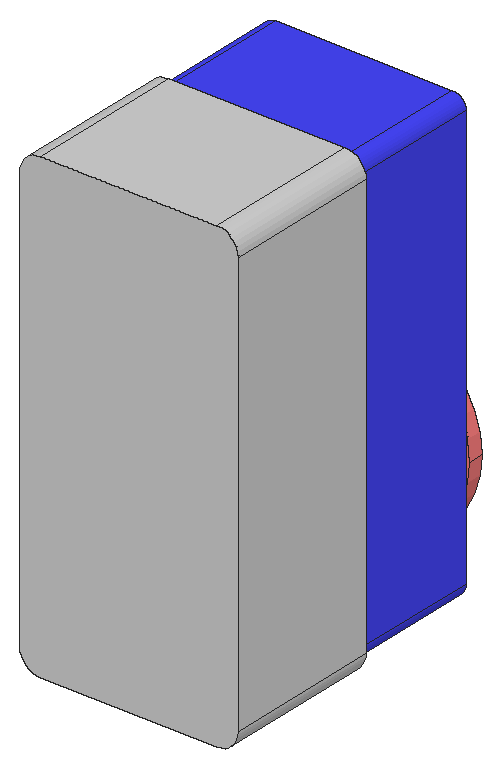
Revit family "Building-IEC309Connections-GEWISS-67IB-INTERLOCKED-SOCKET-OUTLETS_IP67_WITH_BOTTOM", category Apparecchi elettrici, host Muro, Revit 2016
Family settings
  Host = Muro
  Mantenere orientamento annotazione = Sì
  Tipo di parte = Normale
  Quota connettore circolare = Usa diametro
  Numero OmniClass = 23.80.50.14
  Titolo OmniClass = Plug Connectors
  Sempre verticale = Sì
  Taglio con vuoti quando caricato = No
  Condiviso = No
  Punto di calcolo locali = No
Parameters (values of type "GW66257N - 32A 3P+E 380V V.INT.SOCK.O.W.B.3H SBF")
  Working temperature = "-25 ÷ +40 °C"
  With back-mounting box = "Yes"
  Vista di pianta [instance] = yes
  Vetro = GEWISS - vetro
  Version file RFA = "18.0"
  URL = "https://www.gewiss.com/ww/en"
  Typology = "Vertical"
  Tipo Simbolo = PRESAINDSTAGNA : 3P
  Thermo-pressure with ball = "125 °C (IB socket) - 80 °C (bottom)"
  Technical sheet = "https://www.gewiss.com/ww/en/search?q=GW66257N"
  Struttura frontale = GEWISS -BLU
  Struttura = GEWISS - Grigio RAL - 7035
  Simbolo [instance] = yes
  Shock resistance = "IK08"
  SEO = "Socket outlet"
  Reference h = "3"
  Realized by GEWISS S.p.A. = ""
  Rated voltage: = "380 - 440 V"
  Rated voltage = "380 - 440 V"
  Rated frequency (Hz) = "50/60 Hz"
  Rated current (In) = "32"
  Rated current (A) = "32"
  Protection = "NO (SBF)"
  Produttore = "GEWISS S.p.A."
  Presa = GW - ROSSO
  Potenza = 400 V
  Operating temperature: = "-25 +40 °C"
  Numero poli = 3
  Number of poles = "3P+E"
  No. of poles = "3P+E"
  Modello = "GW66257N"
  Immagine tipo = GW66207N.jpg
  IP degree = "IP67"
  IFC.TypeObject = ""
  IFC.ExportType = ""
  IFC.ExportAs = ""
  IDT = "80fd8aa3-f4ad-4bf9-871a-178f60767a59"
  IDF = "c396004b-a83b-4ac0-a4fa-669de3df814d"
  Glow wire test: = "850 °C (IB socket) - 650 °C (bottom)"
  Glow Wire Test = "850 °C (IB socket) - 650 °C (bottom)"
  Frequency = "50/60 Hz"
  Electrocod = "2222"
  EAN code = "8011564741522"
  Distanza orizzontale del simbolo [instance] = 0 mm
  Distanza dal muro [instance] = 20 mm
  Descrizione = "32A 3P+E 380V V.INT.SOCK.O.W.B.3H SBF"
  Cornice simbolo [instance] = yes
  Colour: = "Red"
  Colour = "Red"
  Classificazione carico = Altro
  Catalogue Range = "67 IB"
  Catalogue = "BUILDING"
  Carico apparente = 0 VA
  COBie.Tagnumber = ""
  COBie.CreatedOn = ""
  COBie.CreatebBy = ""
  COBie.ComponentRegisterItemID = ""
  COBie.Component.TagNumber = ""
  COBie.Component.Space = ""
  COBie.Component.SerialNumber = ""
  COBie.Component.InstallationDate = ""
  COBie.Component.Description = ""
  COBie.Component.BarCode = ""
  Altezza da terra = 1111.728 mm
Reference planes
  plane 1 "Muro": y = 0
  plane 2 "Centro (Sinistra/Destra)": x = 125
  plane 3 "Indietro": y = 75
  plane 4: z = 1111.728
  plane 5: x = 125
  plane 6: y = 213.282
Lines and regions (mm)
  Masking region 1, visible <- "Vista di pianta"
    outline origin (0, 0, 0) x (1, 0, 0) y (0, 1, 0)
      loop
        line (78.101, 224) -> (78.101, 217.112) -> (171.899, 217.112) -> (171.899, 224) -> (78.101, 224)
      loop
        line (77.116, 213.282) -> (77.116, 150) -> (172.884, 150) -> (172.884, 213.282) -> (77.116, 213.282)
  Masking region 2, visible <- "Vista di pianta"
    outline origin (0, 0, 0) x (1, 0, 0) y (0, 1, 0)
      loop
        line (87.443, 213.282) -> (162.577, 213.282) -> (162.577, 217.112) -> (87.443, 217.112) -> (87.443, 213.282)
      loop
        line (176.5, 150) -> (73.5, 150) -> (73.5, 75) -> (176.5, 75) -> (176.5, 150)
  Masking region 3
    outline origin (125, 0, 0) x (0, 1, 0) y (0, 0, 1)
      loop
        line (75, 1331.728) -> (75, 1111.728) -> (150, 1111.728) -> (150, 1331.728) -> (75, 1331.728)
      loop
        line (213.282, 1308.059) -> (213.282, 1246.398) -> (224, 1246.398) -> (224, 1308.059) -> (213.282, 1308.059)
      loop
        line (224, 1124.403) -> (224, 1218.2) -> (213.282, 1218.2) -> (213.282, 1124.403) -> (224, 1124.403)
  Masking region 4
    outline origin (125, 0, 0) x (0, 1, 0) y (0, 0, 1)
      loop
        line (213.282, 1115.344) -> (213.282, 1328.112) -> (150, 1328.112) -> (150, 1115.344) -> (213.282, 1115.344)
Text (mm)
  text "Lato posizionamento" at (-1848.837, 1116.779, 0), in view "Livello rif."
  text "Lato posizionamento" at (0, 1409.804, 2854.306), in view "Sinistra"
  text "Lato posizionamento" at (0, 499.811, 2980.732), in view "Destra"
Dimensions and locks
  locked: plane 3 "Indietro" to host wall
  "Altezza da terra": level to plane 4
  "Distanza orizzontale del simbolo": plane 5 to plane 2 "Centro (Sinistra/Destra)"
  aligned and locked: plane 1 "Muro" to host wall
  aligned and locked: plane 4 to nested 1
  aligned and locked: plane 5 to nested 2
  aligned and locked: nested 1 to Masking region 1  (x3)
  aligned and locked: Masking region 2 to nested 1
  aligned and locked: nested 1 to Masking region 2
  aligned and locked: Masking region 3 sketch curve to nested 1  (x7)
  aligned and locked: nested 1 to Masking region 3 sketch curve
  aligned and locked: Masking region 4 sketch curve to nested 1  (x4)
  aligned and locked: nested 1 to plane 3 "Indietro"
  aligned and locked: plane 3 "Indietro" to nested 1
  aligned and locked: Masking region 2 sketch curve to nested 1
  aligned and locked: nested 3 to nested 1
Automatic sketch dimensions
  host wall to Masking region 1 sketch curve = 75 mm
  Masking region 1 sketch curve to plane 2 "Centro (Sinistra/Destra)" = 47.884 mm
  Masking region 1 sketch curve to Masking region 1 sketch curve = 0.986 mm  (x2)
  plane 2 "Centro (Sinistra/Destra)" to Masking region 1 sketch curve = 46.899 mm
  Masking region 1 sketch curve to Masking region 1 sketch curve = 63.282 mm
  Masking region 1 sketch curve to Masking region 1 sketch curve = 3.83 mm
  Masking region 1 sketch curve to Masking region 1 sketch curve = 6.888 mm
  Masking region 2 sketch curve to host wall = 0 mm
  Masking region 2 sketch curve to plane 2 "Centro (Sinistra/Destra)" = 51.5 mm
  Masking region 2 sketch curve to plane 2 "Centro (Sinistra/Destra)" = 37.557 mm
  plane 2 "Centro (Sinistra/Destra)" to Masking region 2 sketch curve = 37.577 mm
  Masking region 2 sketch curve to Masking region 2 sketch curve = 13.923 mm
  Masking region 2 sketch curve to Masking region 2 sketch curve = 63.282 mm
  Masking region 2 sketch curve to Masking region 2 sketch curve = 3.83 mm
  plane 4 to Masking region 3 sketch curve = 12.674 mm
  Masking region 3 sketch curve to Masking region 3 sketch curve = 93.797 mm
  Masking region 3 sketch curve to Masking region 3 sketch curve = 28.198 mm
  Masking region 3 sketch curve to Masking region 3 sketch curve = 23.669 mm
Nested families
  nested 1: "IB PRESE INTERBLOC VERT" at (125, 75, 524.845) x (-1, 0, 0) z (0, 0, 1), type "IB PRESE INTERBLOC VERT"
  nested 2: "PRESAINDSTAGNA" at (125, 35, 0), Distanza dal muro <- "Distanza dal muro", BORDO ACCESO <- "Cornice simbolo", SIMBOLO ACCESO <- "Simbolo", type <- "Tipo Simbolo", type "3P"
    with SIMBOLO ACCESO yes, Distanza dal muro 20 mm, BORDO ACCESO yes
  nested 3: "2D - IB PRESE INTERBLOC VERT + MAGNTERM IP67" at (125.637, 0, 1111.728) x (-1, 0, 0) z (0, -1, 0), type "BIDIMENSIONALE"
Connectors
  electrical at (125, 112.5, 1111.728), driven by "Numero poli", driven by "Classificazione carico", driven by "Potenza", driven by "Carico apparente"
    settings: on nested 1, index 1, voltage 400 V, apparent load 0 VA, apparent load phase1 0 VA, apparent load phase2 0 VA, apparent load phase3 0 VA, power factor 1, load classification "Altro", number of poles 3, system type 31, power factor state 1, is connector primary yes, connector utility no, sub classification motor no, connector description ""
Definition of nested family "IB PRESE INTERBLOC VERT"
  Parameters (values of type "IB PRESE INTERBLOC VERT")
    Vetro = none
    Struttura frontale = none
    Struttura = none
    Spessore = 30 mm
    Default Elevation = 14 mm
    Presa = none
    Lunghezza = 103 mm
    IFC.TypeObject = ""
    IFC.ExportType = ""
    IFC.ExportAs = ""
    H_da terra = 586.883 mm
    COBie.CreatedOn = ""
    COBie.CreatebBy = ""
    COBie.ComponentRegisterItemID = ""
    COBie.Component.TagNumber = ""
    COBie.Component.Space = ""
    COBie.Component.SerialNumber = ""
    COBie.Component.InstallationDate = ""
    COBie.Component.Description = ""
    COBie.Component.BarCode = ""
    Altezza = 220 mm
  Reference planes
    plane 1 "Centro (Fronte/Retro)": y = 0
    plane 2: z = 0
    plane 3 "Centro (Sinistra/Destra)": x = 0
    plane 4: y = -75
    plane 5: x = -51.5
    plane 6: x = 51.5
    plane 7: z = 586.883
    plane 8: z = 806.883
    plane 9: x = -47.884
    plane 10: x = 47.884
    plane 11: z = 803.267
    plane 12: z = 590.499
    plane 13: y = -138.282
    plane 14: y = -149
    plane 15: y = -142.112
  Forms (mm)
    Extrusion 1, solid, material <- "Struttura"
      sketch origin (0, 0, 0) x (1, 0, 0) y (0, 0, 1)
        loop
          arc (-51.5, 596.883) -> (-48.571, 589.812) -> (-41.5, 586.883) r 10
          line (-41.5, 586.883) -> (41.5, 586.883)
          arc (41.5, 586.883) -> (48.571, 589.812) -> (51.5, 596.883) r 10
          line (51.5, 596.883) -> (51.5, 796.883)
          arc (51.5, 796.883) -> (48.571, 803.954) -> (41.5, 806.883) r 10
          line (41.5, 806.883) -> (-41.5, 806.883)
          arc (-41.5, 806.883) -> (-48.571, 803.954) -> (-51.5, 796.883) r 10
          line (-51.5, 796.883) -> (-51.5, 596.883)
      from 0 to 75
    Extrusion 2, solid, material <- "Struttura"
      sketch origin (0, 0, 0) x (1, 0, 0) y (0, 0, 1)
        loop
          line (-0.408, 691.748) -> (-29.506, 691.748)
          spline (-29.506, 691.748) -> (-30.55, 691.681) -> (-31.576, 691.48) -> (-32.567, 691.148) -> (-33.505, 690.693) -> (-34.375, 690.12) -> (-35.161, 689.441) -> (-35.851, 688.666) -> (-36.432, 687.809) -> (-36.895, 686.885) -> (-37.231, 685.909) -> (-37.435, 684.898) -> (-37.503, 683.87)
          line (-37.503, 683.87) -> (-37.503, 615.12)
          spline (-37.503, 615.12) -> (-37.435, 614.091) -> (-37.231, 613.081) -> (-36.895, 612.105) -> (-36.432, 611.18) -> (-35.851, 610.324) -> (-35.161, 609.549) -> (-34.375, 608.869) -> (-33.505, 608.297) -> (-32.567, 607.841) -> (-31.576, 607.51) -> (-30.55, 607.309) -> (-29.506, 607.241)
          line (-29.506, 607.241) -> (0, 607.241) -> (29.506, 607.241)
          spline (29.506, 607.241) -> (30.55, 607.309) -> (31.576, 607.51) -> (32.567, 607.841) -> (33.505, 608.297) -> (34.375, 608.869) -> (35.161, 609.549) -> (35.851, 610.324) -> (36.432, 611.18) -> (36.895, 612.105) -> (37.231, 613.081) -> (37.435, 614.091) -> (37.503, 615.12)
          line (37.503, 615.12) -> (37.503, 683.87)
          spline (37.503, 683.87) -> (37.435, 684.898) -> (37.231, 685.909) -> (36.895, 686.885) -> (36.432, 687.809) -> (35.851, 688.666) -> (35.161, 689.441) -> (34.375, 690.12) -> (33.505, 690.693) -> (32.567, 691.148) -> (31.576, 691.48) -> (30.55, 691.681) -> (29.506, 691.748)
          line (29.506, 691.748) -> (-0.408, 691.748)
      from 138.282 to 142.112
    Extrusion 3, solid, material <- "Presa"
      sketch origin (0, 0, 0) x (1, 0, 0) y (0, 0, 1)
        loop
          circle (0, 646.456) r 46.899
      from 142.112 to 149
    Extrusion 4, solid, material <- "Struttura"
      sketch origin (0, 0, 0) x (1, 0, 0) y (0, 0, 1)
        loop
          circle (0, 752.384) r 30.831
        loop
          circle (0, 752.384) r 26.483
      from 138.282 to 149
    Extrusion 5, solid, material <- "Struttura"
      sketch origin (0, 0, 0) x (1, 0, 0) y (0, 0, 1)
        loop
          arc (-9.552, 750.899) -> (-7.429, 739.645) -> (-7.314, 728.193) r 64.983
          arc (-7.314, 728.193) -> (-0.131, 727.067) -> (7.064, 728.115) r 24.316
          arc (7.064, 728.115) -> (7.302, 739.566) -> (9.547, 750.796) r 64.983
          arc (9.547, 750.796) -> (5.519, 762.425) -> (4.215, 774.661) r 54.251
          line (4.215, 774.661) -> (4.25, 777.658)
          arc (4.25, 777.658) -> (3.985, 778.329) -> (3.336, 778.647) r 1
          arc (3.336, 778.647) -> (0.147, 778.794) -> (-3.043, 778.682) r 39.364
          arc (-3.043, 778.682) -> (-3.695, 778.371) -> (-3.967, 777.702) r 1
          line (-3.967, 777.702) -> (-3.964, 774.706)
          arc (-3.964, 774.706) -> (-5.4, 762.483) -> (-9.552, 750.899) r 54.251
      from 138.282 to 149
    Extrusion 6, solid, material <- "Struttura frontale"
      sketch origin (0, 0, 0) x (1, 0, 0) y (0, 0, 1)
        loop
          arc (47.884, 796.962) -> (46.037, 801.42) -> (41.578, 803.267) r 6.306
          line (41.578, 803.267) -> (-41.578, 803.267)
          arc (-41.578, 803.267) -> (-46.037, 801.42) -> (-47.884, 796.962) r 6.306
          line (-47.884, 796.962) -> (-47.884, 597.014)
          arc (-47.884, 597.014) -> (-45.976, 592.407) -> (-41.369, 590.499) r 6.515
          line (-41.369, 590.499) -> (41.369, 590.499)
          arc (41.369, 590.499) -> (45.976, 592.407) -> (47.884, 597.014) r 6.515
          line (47.884, 597.014) -> (47.884, 796.962)
      from 75 to 138.282
  Dimensions and locks
    "H_da terra": plane 7 to level
    "Altezza": plane 8 to plane 7
    equal spacing: plane 5, plane 3 "Centro (Sinistra/Destra)", plane 6
    "Lunghezza": plane 5 to plane 6
    locked: plane 8 to plane 11 at 3.616
    locked: plane 12 to plane 7 at 3.616
    locked: plane 5 to plane 9 at 3.616
    locked: plane 6 to plane 10 at 3.616
    locked: plane 4 to plane 14 at 74
    plane 14 to plane 1 "Centro (Fronte/Retro)" = 149 mm
    locked: plane 15 to plane 14 at 6.888
    locked: plane 13 to plane 14 at 10.718
    plane 4 to plane 1 "Centro (Fronte/Retro)" = 75 mm
    plane 5 to plane 6 = 103 mm
    aligned and locked: level to plane 2
    aligned and locked: Extrusion 1 sketch curve to plane 5
    aligned and locked: Extrusion 1 sketch curve to plane 7
    aligned and locked: Extrusion 1 sketch curve to plane 6
    aligned and locked: Extrusion 1 sketch curve to plane 8
    aligned and locked: Extrusion 1 to plane 4
    aligned and locked: Extrusion 6 sketch curve to plane 10
    aligned and locked: Extrusion 6 sketch curve to plane 9
    aligned and locked: Extrusion 6 sketch curve to plane 12
    aligned and locked: Extrusion 6 sketch curve to plane 11
    aligned and locked: plane 4 to Extrusion 6
    aligned and locked: Extrusion 4 to Extrusion 6
    aligned and locked: Extrusion 4 to Extrusion 5  (x2)
    aligned and locked: Extrusion 4 to Extrusion 3
    aligned and locked: Extrusion 3 to Extrusion 2
    aligned and locked: plane 14 to Extrusion 4
    aligned and locked: plane 13 to Extrusion 6
    aligned and locked: plane 15 to Extrusion 3
    aligned and locked: Extrusion 4 to Extrusion 2
  Automatic sketch dimensions
    Extrusion 1 sketch curve to plane 9 = 6.384 mm  (x2)
    Extrusion 1 sketch curve to plane 10 = 6.384 mm  (x2)
    Extrusion 2 sketch curve to plane 9 = 10.381 mm
    Extrusion 2 sketch curve to Extrusion 2 sketch curve = 7.997 mm  (x3)
    Extrusion 2 sketch curve to plane 10 = 18.378 mm  (x2)
    Extrusion 2 sketch curve to plane 12 = 16.742 mm
    Extrusion 2 sketch curve to Extrusion 2 sketch curve = 7.878 mm  (x3)
    Extrusion 2 sketch curve to Extrusion 2 sketch curve = 68.75 mm
    Extrusion 2 sketch curve to Extrusion 2 sketch curve = 0 mm
    Extrusion 2 sketch curve to Extrusion 2 sketch curve = 21.102 mm
    Extrusion 2 sketch curve to Extrusion 2 sketch curve = 21.51 mm
    Extrusion 3 sketch curve to plane 3 "Centro (Sinistra/Destra)" = 0 mm
    Extrusion 3 sketch curve to plane 12 = 55.957 mm
    Extrusion 4 sketch curve to Extrusion 4 sketch curve = 0 mm  (x2)
    Extrusion 4 sketch curve to plane 3 "Centro (Sinistra/Destra)" = 0 mm
    Extrusion 4 sketch curve to plane 11 = 50.884 mm
    plane 5 to Extrusion 5 sketch curve = 6.715 mm
    Extrusion 5 sketch curve to plane 3 "Centro (Sinistra/Destra)" = 3.967 mm
    Extrusion 5 sketch curve to Extrusion 5 sketch curve = 0.003 mm
    Extrusion 5 sketch curve to Extrusion 5 sketch curve = 1 mm  (x2)
    Extrusion 5 sketch curve to plane 3 "Centro (Sinistra/Destra)" = 0.064 mm
    plane 3 "Centro (Sinistra/Destra)" to Extrusion 5 sketch curve = 3.25 mm
    Extrusion 5 sketch curve to Extrusion 5 sketch curve = 0.965 mm
    plane 6 to Extrusion 5 sketch curve = 6.965 mm
    Extrusion 5 sketch curve to plane 11 = 29.014 mm
    Extrusion 5 sketch curve to plane 11 = 28.606 mm
    Extrusion 5 sketch curve to plane 11 = 28.387 mm
    Extrusion 5 sketch curve to Extrusion 5 sketch curve = 0.044 mm
    Extrusion 5 sketch curve to Extrusion 5 sketch curve = 2.99 mm
    Extrusion 5 sketch curve to Extrusion 5 sketch curve = 0.007 mm
    Extrusion 5 sketch curve to Extrusion 5 sketch curve = 2.979 mm
    Extrusion 5 sketch curve to Extrusion 5 sketch curve = 0.018 mm
    Extrusion 5 sketch curve to plane 3 "Centro (Sinistra/Destra)" = 9.552 mm
    Extrusion 5 sketch curve to Extrusion 5 sketch curve = 0.076 mm
    plane 3 "Centro (Sinistra/Destra)" to Extrusion 5 sketch curve = 9.547 mm
    Extrusion 5 sketch curve to plane 3 "Centro (Sinistra/Destra)" = 0 mm
    plane 5 to Extrusion 5 sketch curve = 20.598 mm
    plane 6 to Extrusion 5 sketch curve = 20.4 mm
    Extrusion 5 sketch curve to Extrusion 5 sketch curve = 0.587 mm
    Extrusion 5 sketch curve to plane 3 "Centro (Sinistra/Destra)" = 7.314 mm
    plane 3 "Centro (Sinistra/Destra)" to Extrusion 5 sketch curve = 7.064 mm
    Extrusion 5 sketch curve to Extrusion 5 sketch curve = 11.238 mm
    Extrusion 5 sketch curve to Extrusion 5 sketch curve = 11.315 mm
    Extrusion 6 sketch curve to plane 9 = 6.306 mm
    Extrusion 6 sketch curve to plane 9 = 6.515 mm
    Extrusion 6 sketch curve to Extrusion 6 sketch curve = 6.515 mm
    Extrusion 6 sketch curve to Extrusion 6 sketch curve = 6.306 mm
    radius of Extrusion 3 sketch curve = 46.899 mm
    radius of Extrusion 4 sketch curve = 30.831 mm
    radius of Extrusion 4 sketch curve = 26.483 mm
Definition of nested family "PRESAINDSTAGNA"
  Parameters (values of type "3P")
    SIMBOLO ACCESO [instance] = yes
    SIMBOLO = PRESAINDSTAGNA_BASE : 3P
    Distanza dal muro [instance] = 0 mm
    BORDO ACCESO [instance] = yes
  Types (2, lengths in mm): name | SIMBOLO
    2P | PRESAINDSTAGNA_BASE : 2P
    3P | PRESAINDSTAGNA_BASE : 3P
  Reference planes
    plane 1: y = 0
    plane 2: x = 0
  Dimensions and locks
    "Distanza dal muro": plane 1 to nested 1
    aligned and locked: plane 2 to nested 1
  Nested families
    nested 1: "PRESAINDSTAGNA_BASE" at (0, 0, 0), type <- "SIMBOLO", CORNICE SIMBOLO <- "BORDO ACCESO", visible <- "SIMBOLO ACCESO", type "3P"
  Definition of nested family "PRESAINDSTAGNA_BASE"
    Parameters (values of type "3P")
      CORNICE SIMBOLO [instance] = yes
      3P = yes
    Types (2, lengths in mm): name | 3P
      3P | yes
      2P | no
    Reference planes
      plane 1: y = 0
      plane 2: x = 0
    Lines and regions (mm)
      detail lines, not visible
        curve 1: line (-2.443, 10.208, 0) -> (2.057, 10.208, 0)
        curve 2: line (2.057, 10.208, 0) -> (2.057, 4.208, 0)
        curve 3: line (2.057, 4.208, 0) -> (-2.443, 4.208, 0)
        curve 4: line (-2.443, 4.208, 0) -> (-2.443, 10.208, 0)
        curve 5: line (-2.043, 9.808, 0) -> (1.657, 9.808, 0)
        curve 6: line (1.657, 9.808, 0) -> (1.657, 4.608, 0)
        curve 7: line (1.657, 4.608, 0) -> (-2.043, 4.608, 0)
        curve 8: line (-2.043, 4.608, 0) -> (-2.043, 9.808, 0)
      detail lines
        curve 9: line (-0.333, 0.928, 0) -> (-0.05, 0.928, 0)
        curve 10: line (-0.05, 0.928, 0) -> (0.417, 1.737, 0)
        curve 11: line (0.417, 1.737, 0) -> (0.764, 1.537, 0)
        curve 12: line (-0.05, 0.928, 0) -> (-0.333, 0.437, 0)
        curve 13: line (-0.333, 0.437, 0) -> (-0.333, 2.059, 0)
        curve 14: line (0.222, 1.399, 0) -> (0.569, 1.199, 0)
        curve 15: line (-0.723, 0.437, 0) -> (0.057, 0.437, 0)
        curve 16: line (-0.333, 0.81, 0) -> (-0.216, 0.928, 0)
        curve 17: line (-0.333, 0.741, 0) -> (-0.147, 0.928, 0)
        curve 18: line (-0.333, 0.672, 0) -> (-0.078, 0.928, 0)
        curve 19: line (-0.333, 0.603, 0) -> (-0.106, 0.831, 0)
        curve 20: line (-0.333, 0.534, 0) -> (-0.2, 0.668, 0)
        curve 22: arc (-0.723, 0.047, 0) -> (-0.333, 0.437, 0) -> (0.057, 0.047, 0) r 0.39
        curve 23: line (-0.8, 2.1, 0) -> (0.8, 2.1, 0)
        curve 24: line (-0.8, 0, 0) -> (-0.8, 2.1, 0)
        curve 25: line (0.8, 0, 0) -> (-0.8, 0, 0)
        curve 26: line (0.8, 2.1, 0) -> (0.8, 0, 0)
      detail lines, visible <- "3P"
        curve 21: line (0.028, 1.061, 0) -> (0.374, 0.861, 0)
Definition of nested family "2D - IB PRESE INTERBLOC VERT + MAGNTERM IP67"
  Reference planes
    plane 1 "Centro (Fronte/Retro)": y = 0
    plane 2: z = 0
    plane 3 "Centro (Sinistra/Destra)": x = 0
  Lines and regions (mm)
    model lines, in view "Livello rif."
      curve 1: line (-11.112, 59.573, 0) -> (12.429, 59.573, 0)
      curve 2: arc (17.137, 109.807, 0) -> (16.844, 110.514, 0) -> (16.137, 110.807, 0) r 1
      curve 3: arc (-14.863, 110.807, 0) -> (-15.57, 110.514, 0) -> (-15.863, 109.807, 0) r 1
      curve 4: spline (30.137, 21.126, 0) -> (31.181, 21.194, 0) -> (32.207, 21.395, 0) -> (33.198, 21.728, 0) -> (34.136, 22.185, 0) -> (35.006, 22.759, 0) -> (35.792, 23.441, 0) -> (36.482, 24.218, 0) -> (37.064, 25.078, 0) -> (37.527, 26.005, 0) -> (37.864, 26.984, 0) -> (38.068, 27.998, 0) -> (38.137, 29.03, 0)
      curve 5: spline (-36.863, 29.025, 0) -> (-36.793, 27.994, 0) -> (-36.588, 26.98, 0) -> (-36.251, 26.002, 0) -> (-35.788, 25.075, 0) -> (-35.206, 24.216, 0) -> (-34.516, 23.439, 0) -> (-33.73, 22.758, 0) -> (-32.86, 22.184, 0) -> (-31.922, 21.727, 0) -> (-30.932, 21.395, 0) -> (-29.906, 21.194, 0) -> (-28.863, 21.126, 0)
      curve 6: spline (-33.922, 79.268, 0) -> (-33.902, 79.119, 0) -> (-33.841, 78.943, 0) -> (-33.742, 78.742, 0) -> (-33.606, 78.521, 0) -> (-33.435, 78.282, 0) -> (-33.232, 78.031, 0) -> (-33, 77.771, 0) -> (-32.744, 77.506, 0) -> (-32.467, 77.242, 0) -> (-32.175, 76.983, 0) -> (-31.873, 76.733, 0) -> (-31.565, 76.496, 0)
      curve 7: spline (-25.695, 86.8, 0) -> (-25.68, 86.647, 0) -> (-25.634, 86.458, 0) -> (-25.559, 86.236, 0) -> (-25.455, 85.985, 0) -> (-25.324, 85.709, 0) -> (-25.169, 85.413, 0) -> (-24.993, 85.103, 0) -> (-24.798, 84.782, 0) -> (-24.587, 84.458, 0) -> (-24.365, 84.135, 0) -> (-24.134, 83.819, 0) -> (-23.9, 83.516, 0)
      curve 8: spline (-42.909, 59.6, 0) -> (-42.883, 59.463, 0) -> (-42.807, 59.321, 0) -> (-42.682, 59.177, 0) -> (-42.51, 59.033, 0) -> (-42.294, 58.892, 0) -> (-42.038, 58.757, 0) -> (-41.746, 58.629, 0) -> (-41.423, 58.51, 0) -> (-41.075, 58.404, 0) -> (-40.707, 58.311, 0) -> (-40.327, 58.233, 0) -> (-39.94, 58.171, 0)
      curve 9: spline (-39.793, 69.99, 0) -> (-39.769, 69.847, 0) -> (-39.699, 69.687, 0) -> (-39.583, 69.513, 0) -> (-39.423, 69.328, 0) -> (-39.223, 69.136, 0) -> (-38.985, 68.939, 0) -> (-38.714, 68.741, 0) -> (-38.414, 68.545, 0) -> (-38.091, 68.355, 0) -> (-37.75, 68.175, 0) -> (-37.396, 68.006, 0) -> (-37.036, 67.852, 0)
      curve 10: spline (-40.209, 38.237, 0) -> (-40.15, 38.136, 0) -> (-40.051, 38.054, 0) -> (-39.914, 37.992, 0) -> (-39.74, 37.951, 0) -> (-39.533, 37.93, 0) -> (-39.295, 37.931, 0) -> (-39.03, 37.954, 0) -> (-38.741, 37.998, 0) -> (-38.433, 38.062, 0) -> (-38.111, 38.146, 0) -> (-37.779, 38.248, 0) -> (-37.441, 38.367, 0)
      curve 11: spline (-43.054, 48.765, 0) -> (-43.014, 48.64, 0) -> (-42.926, 48.522, 0) -> (-42.792, 48.415, 0) -> (-42.614, 48.32, 0) -> (-42.395, 48.238, 0) -> (-42.139, 48.17, 0) -> (-41.849, 48.118, 0) -> (-41.53, 48.083, 0) -> (-41.188, 48.065, 0) -> (-40.828, 48.064, 0) -> (-40.456, 48.081, 0) -> (-40.078, 48.114, 0)
      curve 12: spline (-33.941, 28.988, 0) -> (-33.892, 28.939, 0) -> (-33.82, 28.908, 0) -> (-33.727, 28.897, 0) -> (-33.614, 28.904, 0) -> (-33.482, 28.931, 0) -> (-33.334, 28.976, 0) -> (-33.17, 29.04, 0) -> (-32.994, 29.12, 0) -> (-32.807, 29.217, 0) -> (-32.613, 29.329, 0) -> (-32.413, 29.455, 0) -> (-32.21, 29.592, 0)
      curve 13: spline (-16.371, 15.964, 0) -> (-16.339, 15.958, 0) -> (-16.299, 15.975, 0) -> (-16.25, 16.015, 0) -> (-16.193, 16.077, 0) -> (-16.128, 16.161, 0) -> (-16.057, 16.266, 0) -> (-15.98, 16.39, 0) -> (-15.898, 16.532, 0) -> (-15.813, 16.691, 0) -> (-15.724, 16.865, 0) -> (-15.633, 17.051, 0) -> (-15.541, 17.248, 0)
      curve 14: spline (15.837, 16.867, 0) -> (15.919, 16.677, 0) -> (16.001, 16.495, 0) -> (16.081, 16.326, 0) -> (16.159, 16.17, 0) -> (16.233, 16.029, 0) -> (16.304, 15.904, 0) -> (16.369, 15.797, 0) -> (16.429, 15.708, 0) -> (16.483, 15.64, 0) -> (16.53, 15.591, 0) -> (16.57, 15.564, 0) -> (16.602, 15.558, 0)
      curve 15: spline (35.138, 27.901, 0) -> (35.147, 27.913, 0) -> (35.156, 27.925, 0) -> (35.163, 27.938, 0) -> (35.17, 27.952, 0) -> (35.176, 27.966, 0) -> (35.181, 27.981, 0) -> (35.186, 27.997, 0) -> (35.189, 28.013, 0) -> (35.192, 28.03, 0) -> (35.194, 28.047, 0) -> (35.195, 28.065, 0) -> (35.196, 28.084, 0)
      curve 16: spline (32.84, 28.803, 0) -> (33.104, 28.613, 0) -> (33.365, 28.439, 0) -> (33.619, 28.283, 0) -> (33.864, 28.146, 0) -> (34.096, 28.03, 0) -> (34.311, 27.938, 0) -> (34.508, 27.869, 0) -> (34.685, 27.824, 0) -> (34.837, 27.805, 0) -> (34.965, 27.812, 0) -> (35.066, 27.844, 0) -> (35.138, 27.901, 0)
      curve 17: spline (25.174, 21.783, 0) -> (25.363, 21.552, 0) -> (25.549, 21.335, 0) -> (25.731, 21.133, 0) -> (25.907, 20.951, 0) -> (26.075, 20.789, 0) -> (26.233, 20.649, 0) -> (26.379, 20.533, 0) -> (26.512, 20.442, 0) -> (26.63, 20.377, 0) -> (26.733, 20.339, 0) -> (26.818, 20.329, 0) -> (26.884, 20.346, 0)
      curve 18: spline (32.84, 28.803, 0) -> (33.03, 28.667, 0) -> (33.217, 28.541, 0) -> (33.4, 28.428, 0) -> (33.576, 28.329, 0) -> (33.744, 28.244, 0) -> (33.9, 28.176, 0) -> (34.044, 28.124, 0) -> (34.173, 28.089, 0) -> (34.285, 28.072, 0) -> (34.381, 28.074, 0) -> (34.457, 28.093, 0) -> (34.514, 28.13, 0)
      curve 19: spline (38.31, 37.447, 0) -> (38.633, 37.324, 0) -> (38.951, 37.217, 0) -> (39.261, 37.127, 0) -> (39.557, 37.055, 0) -> (39.837, 37.003, 0) -> (40.095, 36.971, 0) -> (40.329, 36.96, 0) -> (40.535, 36.97, 0) -> (40.71, 37, 0) -> (40.852, 37.051, 0) -> (40.96, 37.121, 0) -> (41.031, 37.21, 0)
      curve 20: spline (41.214, 47.128, 0) -> (41.589, 47.085, 0) -> (41.957, 47.059, 0) -> (42.314, 47.051, 0) -> (42.653, 47.061, 0) -> (42.97, 47.087, 0) -> (43.258, 47.131, 0) -> (43.513, 47.192, 0) -> (43.732, 47.268, 0) -> (43.91, 47.357, 0) -> (44.046, 47.46, 0) -> (44.136, 47.574, 0) -> (44.179, 47.697, 0)
      curve 21: spline (38.716, 66.932, 0) -> (39.079, 67.078, 0) -> (39.437, 67.238, 0) -> (39.782, 67.41, 0) -> (40.109, 67.592, 0) -> (40.412, 67.781, 0) -> (40.686, 67.972, 0) -> (40.926, 68.163, 0) -> (41.129, 68.35, 0) -> (41.29, 68.531, 0) -> (41.407, 68.702, 0) -> (41.478, 68.861, 0) -> (41.502, 69.003, 0)
      curve 22: spline (41.352, 57.185, 0) -> (41.741, 57.237, 0) -> (42.123, 57.305, 0) -> (42.492, 57.39, 0) -> (42.842, 57.488, 0) -> (43.166, 57.599, 0) -> (43.459, 57.72, 0) -> (43.716, 57.849, 0) -> (43.932, 57.985, 0) -> (44.104, 58.125, 0) -> (44.23, 58.266, 0) -> (44.306, 58.406, 0) -> (44.331, 58.542, 0)
      curve 23: spline (26.014, 82.91, 0) -> (26.257, 83.208, 0) -> (26.495, 83.518, 0) -> (26.725, 83.835, 0) -> (26.943, 84.154, 0) -> (27.145, 84.47, 0) -> (27.327, 84.776, 0) -> (27.488, 85.068, 0) -> (27.622, 85.34, 0) -> (27.73, 85.589, 0) -> (27.808, 85.809, 0) -> (27.855, 85.997, 0) -> (27.871, 86.15, 0)
      curve 24: spline (6.513, 90.779, 0) -> (6.569, 91.152, 0) -> (6.625, 91.536, 0) -> (6.678, 91.925, 0) -> (6.728, 92.312, 0) -> (6.775, 92.69, 0) -> (6.817, 93.052, 0) -> (6.854, 93.394, 0) -> (6.886, 93.708, 0) -> (6.91, 93.99, 0) -> (6.929, 94.235, 0) -> (6.94, 94.437, 0) -> (6.943, 94.595, 0)
      curve 25: spline (-15.675, 92.076, 0) -> (-15.665, 91.919, 0) -> (-15.637, 91.721, 0) -> (-15.59, 91.484, 0) -> (-15.526, 91.212, 0) -> (-15.445, 90.91, 0) -> (-15.349, 90.583, 0) -> (-15.239, 90.237, 0) -> (-15.118, 89.878, 0) -> (-14.988, 89.512, 0) -> (-14.85, 89.144, 0) -> (-14.708, 88.782, 0) -> (-14.562, 88.432, 0)
      curve 26: spline (-26.538, 21.015, 0) -> (-26.476, 20.981, 0) -> (-26.393, 20.977, 0) -> (-26.291, 21.002, 0) -> (-26.169, 21.056, 0) -> (-26.031, 21.138, 0) -> (-25.877, 21.248, 0) -> (-25.709, 21.384, 0) -> (-25.53, 21.545, 0) -> (-25.341, 21.728, 0) -> (-25.145, 21.931, 0) -> (-24.944, 22.153, 0) -> (-24.74, 22.389, 0)
      curve 27: spline (-5.646, 12.574, 0) -> (-5.629, 12.583, 0) -> (-5.609, 12.623, 0) -> (-5.584, 12.694, 0) -> (-5.556, 12.797, 0) -> (-5.524, 12.928, 0) -> (-5.489, 13.088, 0) -> (-5.452, 13.274, 0) -> (-5.412, 13.484, 0) -> (-5.37, 13.716, 0) -> (-5.327, 13.968, 0) -> (-5.283, 14.237, 0) -> (-5.239, 14.52, 0)
      curve 28: spline (15.837, 16.867, 0) -> (15.952, 16.602, 0) -> (16.066, 16.35, 0) -> (16.177, 16.115, 0) -> (16.285, 15.899, 0) -> (16.388, 15.704, 0) -> (16.485, 15.533, 0) -> (16.575, 15.388, 0) -> (16.657, 15.269, 0) -> (16.731, 15.179, 0) -> (16.794, 15.117, 0) -> (16.848, 15.086, 0) -> (16.89, 15.084, 0)
      curve 29: spline (16.89, 15.084, 0) -> (16.899, 15.089, 0) -> (16.908, 15.096, 0) -> (16.916, 15.105, 0) -> (16.923, 15.116, 0) -> (16.929, 15.128, 0) -> (16.934, 15.143, 0) -> (16.939, 15.16, 0) -> (16.942, 15.179, 0) -> (16.945, 15.2, 0) -> (16.947, 15.223, 0) -> (16.948, 15.248, 0) -> (16.949, 15.275, 0)
      curve 30: spline (27.871, 89.228, 0) -> (27.111, 89.779, 0) -> (26.338, 90.314, 0) -> (25.553, 90.833, 0) -> (24.756, 91.335, 0) -> (23.947, 91.821, 0) -> (23.127, 92.291, 0) -> (22.297, 92.743, 0) -> (21.456, 93.179, 0) -> (20.606, 93.597, 0) -> (19.746, 93.998, 0) -> (18.877, 94.38, 0) -> (17.999, 94.745, 0)
      curve 31: spline (41.502, 72.082, 0) -> (41.136, 72.916, 0) -> (40.752, 73.742, 0) -> (40.348, 74.56, 0) -> (39.925, 75.37, 0) -> (39.483, 76.171, 0) -> (39.023, 76.963, 0) -> (38.545, 77.745, 0) -> (38.049, 78.517, 0) -> (37.534, 79.279, 0) -> (37.003, 80.03, 0) -> (36.454, 80.77, 0) -> (35.888, 81.498, 0)
      curve 32: spline (44.183, 50.828, 0) -> (44.255, 51.319, 0) -> (44.322, 51.81, 0) -> (44.381, 52.303, 0) -> (44.435, 52.796, 0) -> (44.482, 53.289, 0) -> (44.523, 53.783, 0) -> (44.558, 54.278, 0) -> (44.587, 54.772, 0) -> (44.609, 55.267, 0) -> (44.624, 55.763, 0) -> (44.634, 56.258, 0) -> (44.637, 56.754, 0)
      curve 33: spline (44.637, 58.464, 0) -> (44.615, 59.772, 0) -> (44.549, 61.079, 0) -> (44.439, 62.384, 0) -> (44.285, 63.684, 0) -> (44.087, 64.979, 0) -> (43.846, 66.268, 0) -> (43.562, 67.549, 0) -> (43.234, 68.821, 0) -> (42.864, 70.082, 0) -> (42.452, 71.332, 0) -> (41.998, 72.569, 0) -> (41.502, 73.792, 0)
      curve 34: spline (41.502, 73.792, 0) -> (39.023, 78.673, 0) -> (35.888, 83.208, 0) -> (32.149, 87.32, 0) -> (27.871, 90.938, 0) -> (23.127, 94.001, 0) -> (17.999, 96.455, 0) -> (12.573, 98.26, 0) -> (6.943, 99.383, 0) -> (1.205, 99.807, 0) -> (-4.542, 99.523, 0) -> (-10.201, 98.536, 0) -> (-15.675, 96.864, 0)
      curve 35: spline (6.943, 97.673, 0) -> (5.992, 97.793, 0) -> (5.038, 97.893, 0) -> (4.082, 97.973, 0) -> (3.124, 98.034, 0) -> (2.165, 98.075, 0) -> (1.205, 98.097, 0) -> (0.245, 98.099, 0) -> (-0.714, 98.081, 0) -> (-1.673, 98.043, 0) -> (-2.631, 97.986, 0) -> (-3.588, 97.909, 0) -> (-4.542, 97.813, 0)
      curve 36: spline (-15.675, 96.864, 0) -> (-19.643, 95.156, 0) -> (-23.413, 93.087, 0) -> (-26.945, 90.678, 0) -> (-30.207, 87.951, 0) -> (-33.164, 84.934, 0) -> (-35.789, 81.656, 0) -> (-38.055, 78.15, 0) -> (-39.941, 74.451, 0) -> (-41.427, 70.594, 0) -> (-42.499, 66.617, 0) -> (-43.146, 62.561, 0) -> (-43.363, 58.464, 0)
      curve 37: spline (-43.363, 56.754, 0) -> (-43.361, 56.347, 0) -> (-43.354, 55.941, 0) -> (-43.344, 55.534, 0) -> (-43.329, 55.128, 0) -> (-43.31, 54.722, 0) -> (-43.286, 54.316, 0) -> (-43.259, 53.91, 0) -> (-43.227, 53.505, 0) -> (-43.191, 53.1, 0) -> (-43.15, 52.695, 0) -> (-43.106, 52.291, 0) -> (-43.057, 51.887, 0)
      curve 38: spline (-33.922, 82.345, 0) -> (-34.507, 81.631, 0) -> (-35.077, 80.904, 0) -> (-35.629, 80.167, 0) -> (-36.164, 79.418, 0) -> (-36.681, 78.658, 0) -> (-37.181, 77.888, 0) -> (-37.662, 77.107, 0) -> (-38.126, 76.317, 0) -> (-38.571, 75.518, 0) -> (-38.997, 74.71, 0) -> (-39.404, 73.893, 0) -> (-39.793, 73.068, 0)
      curve 39: spline (-15.675, 95.154, 0) -> (-16.562, 94.811, 0) -> (-17.442, 94.449, 0) -> (-18.312, 94.069, 0) -> (-19.174, 93.672, 0) -> (-20.026, 93.257, 0) -> (-20.869, 92.825, 0) -> (-21.701, 92.375, 0) -> (-22.523, 91.909, 0) -> (-23.333, 91.426, 0) -> (-24.133, 90.926, 0) -> (-24.92, 90.41, 0) -> (-25.695, 89.878, 0)
      curve 40: spline (5.463, 14.39, 0) -> (5.499, 14.114, 0) -> (5.534, 13.851, 0) -> (5.568, 13.604, 0) -> (5.602, 13.375, 0) -> (5.634, 13.167, 0) -> (5.664, 12.982, 0) -> (5.692, 12.821, 0) -> (5.718, 12.687, 0) -> (5.741, 12.58, 0) -> (5.762, 12.502, 0) -> (5.779, 12.453, 0) -> (5.793, 12.435, 0)
      curve 41: spline (-16.725, 15.684, 0) -> (-16.724, 15.657, 0) -> (-16.723, 15.632, 0) -> (-16.721, 15.61, 0) -> (-16.718, 15.589, 0) -> (-16.714, 15.57, 0) -> (-16.709, 15.553, 0) -> (-16.704, 15.538, 0) -> (-16.697, 15.525, 0) -> (-16.69, 15.513, 0) -> (-16.682, 15.504, 0) -> (-16.673, 15.497, 0) -> (-16.663, 15.492, 0)
      curve 42: spline (-16.663, 15.492, 0) -> (-16.618, 15.491, 0) -> (-16.562, 15.521, 0) -> (-16.494, 15.58, 0) -> (-16.416, 15.668, 0) -> (-16.328, 15.785, 0) -> (-16.232, 15.928, 0) -> (-16.129, 16.097, 0) -> (-16.019, 16.289, 0) -> (-15.904, 16.503, 0) -> (-15.785, 16.735, 0) -> (-15.664, 16.985, 0) -> (-15.541, 17.248, 0)
      curve 43: spline (-34.613, 28.933, 0) -> (-34.613, 28.915, 0) -> (-34.612, 28.897, 0) -> (-34.61, 28.88, 0) -> (-34.607, 28.863, 0) -> (-34.604, 28.847, 0) -> (-34.6, 28.832, 0) -> (-34.595, 28.817, 0) -> (-34.589, 28.802, 0) -> (-34.582, 28.789, 0) -> (-34.575, 28.776, 0) -> (-34.567, 28.763, 0) -> (-34.558, 28.751, 0)
      curve 44: spline (-34.558, 28.751, 0) -> (-34.486, 28.691, 0) -> (-34.384, 28.655, 0) -> (-34.255, 28.644, 0) -> (-34.099, 28.658, 0) -> (-33.919, 28.697, 0) -> (-33.718, 28.761, 0) -> (-33.497, 28.848, 0) -> (-33.26, 28.958, 0) -> (-33.009, 29.089, 0) -> (-32.749, 29.24, 0) -> (-32.481, 29.408, 0) -> (-32.21, 29.592, 0)
      curve 45: spline (-4.542, 94.737, 0) -> (-4.539, 94.58, 0) -> (-4.53, 94.377, 0) -> (-4.516, 94.133, 0) -> (-4.495, 93.851, 0) -> (-4.47, 93.535, 0) -> (-4.439, 93.193, 0) -> (-4.404, 92.828, 0) -> (-4.366, 92.449, 0) -> (-4.324, 92.06, 0) -> (-4.281, 91.67, 0) -> (-4.235, 91.284, 0) -> (-4.189, 90.909, 0)
      curve 46: spline (16.815, 88.051, 0) -> (16.969, 88.397, 0) -> (17.121, 88.755, 0) -> (17.267, 89.118, 0) -> (17.406, 89.48, 0) -> (17.534, 89.836, 0) -> (17.651, 90.179, 0) -> (17.753, 90.503, 0) -> (17.839, 90.802, 0) -> (17.908, 91.073, 0) -> (17.958, 91.309, 0) -> (17.988, 91.507, 0) -> (17.999, 91.664, 0)
      curve 47: spline (33.484, 75.707, 0) -> (33.798, 75.935, 0) -> (34.106, 76.178, 0) -> (34.403, 76.43, 0) -> (34.685, 76.687, 0) -> (34.946, 76.944, 0) -> (35.182, 77.199, 0) -> (35.39, 77.445, 0) -> (35.564, 77.679, 0) -> (35.704, 77.897, 0) -> (35.805, 78.095, 0) -> (35.867, 78.27, 0) -> (35.888, 78.418, 0)
      curve 48: arc (-43.055, 48.765, 0) -> (-41.996, 43.402, 0) -> (-40.209, 38.237, 0) r 39.658
      curve 49: arc (-39.326, 37.93, 0) -> (-36.925, 33.284, 0) -> (-33.941, 28.988, 0) r 40.176
      curve 50: arc (-25.879, 21.247, 0) -> (-21.289, 18.31, 0) -> (-16.371, 15.964, 0) r 43.85
      curve 51: arc (-5.49, 13.086, 0) -> (0.086, 12.678, 0) -> (5.669, 12.952, 0) r 45.81
      curve 52: arc (16.602, 15.558, 0) -> (21.594, 17.787, 0) -> (26.271, 20.617, 0) r 44.017
      curve 53: arc (26.884, 20.346, 0) -> (31.259, 23.853, 0) -> (35.139, 27.9, 0) r 42.954
      curve 54: arc (34.514, 28.13, 0) -> (37.628, 32.363, 0) -> (40.165, 36.966, 0) r 40.335
      curve 55: arc (41.031, 37.21, 0) -> (42.968, 42.344, 0) -> (44.179, 47.697, 0) r 39.75
      curve 56: arc (5.793, 12.435, 0) -> (11.424, 13.415, 0) -> (16.89, 15.084, 0) r 46.15
      curve 57: arc (-16.664, 15.492, 0) -> (-11.245, 13.691, 0) -> (-5.646, 12.574, 0) r 46.052
      curve 58: arc (-34.559, 28.751, 0) -> (-30.801, 24.62, 0) -> (-26.538, 21.015, 0) r 42.763
      curve 59: line (17.137, 109.807, 0) -> (17.137, 103.366, 0)
      curve 60: line (17.137, 103.366, 0) -> (17.137, 96.793, 0)
      curve 61: line (-12.363, 110.807, 0) -> (-14.863, 110.807, 0)
      curve 62: line (-15.863, 109.807, 0) -> (-15.863, 103.366, 0)
      curve 63: line (-15.863, 103.366, 0) -> (-15.863, 96.793, 0)
      curve 64: line (38.137, 96.987, 0) -> (38.137, 80.092, 0)
      curve 65: line (38.137, 33.181, 0) -> (38.137, 29.035, 0)
      curve 66: line (-36.863, 29.025, 0) -> (-36.863, 33.181, 0)
      curve 67: line (-36.863, 80.092, 0) -> (-36.863, 96.987, 0)
      curve 68: line (-28.863, 21.126, 0) -> (-26.688, 21.126, 0)
      curve 69: line (-26.05, 21.126, 0) -> (-25.713, 21.126, 0)
      curve 70: line (27.964, 21.126, 0) -> (30.137, 21.126, 0)
      curve 71: line (16.137, 110.807, 0) -> (13.637, 110.807, 0)
      curve 72: line (-12.113, 110.857, 0) -> (13.387, 110.857, 0)
      curve 73: line (41.502, 69.003, 0) -> (41.502, 72.082, 0)
      curve 74: line (27.871, 86.15, 0) -> (27.871, 89.228, 0)
      curve 75: line (6.943, 94.595, 0) -> (6.943, 97.673, 0)
      curve 76: line (-15.675, 92.076, 0) -> (-15.675, 95.154, 0)
      curve 77: line (-25.695, 86.8, 0) -> (-25.695, 89.878, 0)
      curve 78: line (-33.922, 82.345, 0) -> (-33.922, 79.268, 0)
      curve 79: line (-39.793, 69.99, 0) -> (-39.793, 73.068, 0)
      curve 80: line (-42.909, 62.679, 0) -> (-42.909, 59.6, 0)
      curve 81: line (16.949, 15.689, 0) -> (16.949, 15.275, 0)
      curve 82: line (17.999, 94.745, 0) -> (17.999, 91.664, 0)
      curve 83: line (35.888, 81.498, 0) -> (35.888, 78.418, 0)
      curve 84: line (44.183, 50.828, 0) -> (44.183, 47.75, 0)
      curve 85: line (35.196, 28.962, 0) -> (35.196, 28.084, 0)
      curve 86: line (-4.542, 97.813, 0) -> (-4.542, 94.737, 0)
      curve 87: line (-43.057, 48.809, 0) -> (-43.057, 51.887, 0)
      curve 88: line (-16.725, 16.108, 0) -> (-16.725, 15.684, 0)
      curve 89: line (-34.613, 29.857, 0) -> (-34.613, 28.933, 0)
      curve 90: line (44.637, 56.754, 0) -> (44.637, 58.464, 0)
      curve 91: line (-43.363, 58.464, 0) -> (-43.363, 56.754, 0)
      curve 92: line (-11.112, 59.573, 0) -> (-11.341, 59.493, 0)
      curve 93: line (-11.341, 59.493, 0) -> (-11.561, 59.345, 0)
      curve 94: line (-11.561, 59.345, 0) -> (-11.708, 59.171, 0)
      curve 95: line (-11.708, 59.171, 0) -> (-11.812, 58.938, 0)
      curve 96: line (-11.812, 58.938, 0) -> (-11.842, 58.715, 0)
      curve 97: line (-11.842, 58.715, 0) -> (-11.842, 42.942, 0)
      curve 98: line (12.429, 59.573, 0) -> (12.657, 59.494, 0)
      curve 99: line (12.657, 59.494, 0) -> (12.876, 59.345, 0)
      curve 100: line (12.876, 59.345, 0) -> (13.024, 59.172, 0)
      curve 101: line (13.024, 59.172, 0) -> (13.128, 58.939, 0)
      curve 102: line (13.128, 58.939, 0) -> (13.158, 58.716, 0)
      curve 103: line (13.158, 58.716, 0) -> (13.158, 42.936, 0)
      curve 104: arc (38.137, 29.358, 0) -> (38.144, 29.541, 0) -> (38.146, 29.724, 0) r 7.758
      curve 105: spline (38.137, 96.987, 0) -> (38.069, 98.016, 0) -> (37.864, 99.028, 0) -> (37.527, 100.005, 0) -> (37.063, 100.93, 0) -> (36.48, 101.788, 0) -> (35.788, 102.563, 0) -> (35, 103.243, 0) -> (34.128, 103.815, 0) -> (33.187, 104.27, 0) -> (32.195, 104.6, 0) -> (31.167, 104.8, 0) -> (30.121, 104.865, 0)
      curve 106: spline (-28.879, 104.865, 0) -> (-29.922, 104.796, 0) -> (-30.946, 104.593, 0) -> (-31.936, 104.261, 0) -> (-32.872, 103.804, 0) -> (-33.74, 103.231, 0) -> (-34.525, 102.552, 0) -> (-35.214, 101.777, 0) -> (-35.794, 100.921, 0) -> (-36.255, 99.998, 0) -> (-36.591, 99.023, 0) -> (-36.795, 98.014, 0) -> (-36.863, 96.987, 0)
      curve 107: spline (-28.417, 51.452, 0) -> (-27.427, 44.386, 0) -> (-24.525, 37.801, 0) -> (-19.907, 32.147, 0) -> (-13.89, 27.808, 0) -> (-6.883, 25.08, 0) -> (0.637, 24.15, 0) -> (8.157, 25.08, 0) -> (15.164, 27.808, 0) -> (21.182, 32.147, 0) -> (25.799, 37.801, 0) -> (28.702, 44.386, 0) -> (29.692, 51.452, 0) -> (28.702, 58.519, 0) -> (25.799, 65.104, 0) -> (21.182, 70.758, 0) -> (15.164, 75.097, 0) -> (8.157, 77.824, 0) -> (0.637, 78.755, 0) -> (-6.883, 77.824, 0) -> (-13.89, 75.097, 0) -> (-19.907, 70.758, 0) -> (-24.525, 65.104, 0) -> (-27.427, 58.519, 0) -> (-28.417, 51.452, 0)
      curve 108: spline (38.716, 66.932, 0) -> (38.375, 67.71, 0) -> (38.016, 68.48, 0) -> (37.64, 69.242, 0) -> (37.246, 69.997, 0) -> (36.835, 70.743, 0) -> (36.406, 71.481, 0) -> (35.96, 72.209, 0) -> (35.498, 72.929, 0) -> (35.019, 73.639, 0) -> (34.523, 74.338, 0) -> (34.012, 75.028, 0) -> (33.484, 75.707, 0)
      curve 109: spline (33.484, 75.707, 0) -> (32.383, 77.031, 0) -> (31.221, 78.309, 0) -> (30.001, 79.538, 0) -> (28.724, 80.716, 0) -> (27.395, 81.841, 0) -> (26.014, 82.91, 0) -> (24.586, 83.921, 0) -> (23.111, 84.873, 0) -> (21.594, 85.764, 0) -> (20.037, 86.591, 0) -> (18.443, 87.354, 0) -> (16.815, 88.051, 0)
      curve 110: spline (16.815, 88.051, 0) -> (15.156, 88.68, 0) -> (13.47, 89.241, 0) -> (11.759, 89.732, 0) -> (10.027, 90.153, 0) -> (8.278, 90.502, 0) -> (6.513, 90.779, 0) -> (4.738, 90.984, 0) -> (2.954, 91.115, 0) -> (1.167, 91.174, 0) -> (-0.622, 91.159, 0) -> (-2.408, 91.07, 0) -> (-4.189, 90.909, 0)
      curve 111: spline (-4.189, 90.909, 0) -> (-11.186, 89.54, 0) -> (-17.823, 87.051, 0) -> (-23.9, 83.516, 0) -> (-29.231, 79.043, 0) -> (-33.655, 73.768, 0) -> (-37.036, 67.852, 0) -> (-39.273, 61.473, 0) -> (-40.297, 54.827, 0) -> (-40.078, 48.114, 0) -> (-38.621, 41.54, 0) -> (-35.972, 35.302, 0) -> (-32.21, 29.592, 0)
      curve 112: spline (-32.21, 29.592, 0) -> (-31.108, 28.268, 0) -> (-29.946, 26.99, 0) -> (-28.726, 25.761, 0) -> (-27.45, 24.583, 0) -> (-26.121, 23.458, 0) -> (-24.74, 22.389, 0) -> (-23.311, 21.378, 0) -> (-21.837, 20.426, 0) -> (-20.32, 19.535, 0) -> (-18.763, 18.708, 0) -> (-17.169, 17.945, 0) -> (-15.541, 17.248, 0)
      curve 113: spline (-15.541, 17.248, 0) -> (-13.882, 16.619, 0) -> (-12.196, 16.058, 0) -> (-10.485, 15.567, 0) -> (-8.753, 15.146, 0) -> (-7.003, 14.797, 0) -> (-5.239, 14.52, 0) -> (-3.463, 14.315, 0) -> (-1.68, 14.184, 0) -> (0.108, 14.125, 0) -> (1.896, 14.14, 0) -> (3.683, 14.228, 0) -> (5.463, 14.39, 0)
      curve 114: spline (5.463, 14.39, 0) -> (11.601, 15.525, 0) -> (17.483, 17.524, 0) -> (22.973, 20.341, 0) -> (27.944, 23.91, 0) -> (32.278, 28.148, 0) -> (35.876, 32.956, 0) -> (38.654, 38.223, 0) -> (40.547, 43.826, 0) -> (41.511, 49.633, 0) -> (41.524, 55.511, 0) -> (40.585, 61.323, 0) -> (38.716, 66.932, 0)
      curve 115: arc (6.121, 41.874, 0) -> (9.14, 41.924, 0) -> (12.157, 41.999, 0) r 364.326
      curve 116: line (38.146, 33.195, 0) -> (38.146, 29.724, 0)
      curve 117: line (-15.863, 104.865, 0) -> (-28.879, 104.865, 0)
      curve 118: line (30.121, 104.865, 0) -> (17.137, 104.865, 0)
      curve 119: line (12.157, 41.999, 0) -> (12.42, 42.042, 0)
      curve 120: line (12.686, 42.157, 0) -> (12.886, 42.313, 0)
      curve 121: line (12.886, 42.313, 0) -> (13.042, 42.515, 0)
      curve 122: line (13.042, 42.515, 0) -> (13.13, 42.729, 0)
      curve 123: line (13.13, 42.729, 0) -> (13.158, 42.936, 0)
      curve 124: line (-11.842, 42.942, 0) -> (-11.816, 42.733, 0)
      curve 125: line (-11.816, 42.733, 0) -> (-11.732, 42.525, 0)
      curve 126: line (-11.732, 42.525, 0) -> (-11.577, 42.32, 0)
      curve 127: line (-11.577, 42.32, 0) -> (-11.378, 42.162, 0)
      curve 128: line (-11.108, 42.043, 0) -> (-10.842, 41.999, 0)
      curve 129: line (-10.842, 41.999, 0) -> (-5.596, 41.884, 0)
      curve 130: line (-5.596, 41.884, 0) -> (-1.667, 41.845, 0)
      curve 131: line (-1.667, 41.845, 0) -> (6.121, 41.874, 0)
      curve 132: arc (42.137, 0, 0) -> (49.208, 2.929, 0) -> (52.137, 10, 0) r 10
      curve 133: arc (52.137, 210, 0) -> (49.208, 217.071, 0) -> (42.137, 220, 0) r 10
      curve 134: arc (-50.863, 10, 0) -> (-47.934, 2.929, 0) -> (-40.863, 0, 0) r 10
      curve 135: arc (-40.863, 220, 0) -> (-47.934, 217.071, 0) -> (-50.863, 210, 0) r 10
      curve 136: arc (1.637, 200.6, 0) -> (0.637, 201.6, 0) -> (-0.363, 200.6, 0) r 1
      curve 137: arc (-0.363, 199.4, 0) -> (0.637, 198.4, 0) -> (1.637, 199.4, 0) r 1
      curve 138: arc (2.437, 200.6, 0) -> (0.637, 202.4, 0) -> (-1.163, 200.6, 0) r 1.8
      curve 139: arc (-1.163, 199.4, 0) -> (0.637, 197.6, 0) -> (2.437, 199.4, 0) r 1.8
      curve 140: arc (4.634, 194.914, 0) -> (4.797, 194.778, 0) -> (4.963, 194.647, 0) r 6.199
      curve 141: arc (16.048, 190.77, 0) -> (16.259, 190.768, 0) -> (16.471, 190.773, 0) r 6.199
      curve 142: line (52.137, 10, 0) -> (52.137, 210, 0)
      curve 143: line (-50.863, 10, 0) -> (-50.863, 210, 0)
      curve 144: line (42.137, 220, 0) -> (-40.863, 220, 0)
      curve 145: line (22.974, 198.672, 0) -> (23.003, 198.882, 0)
      curve 146: line (23.003, 198.882, 0) -> (22.981, 199.108, 0)
      curve 147: line (23.056, 189.295, 0) -> (23.056, 194.095, 0)
      curve 148: line (23.056, 194.095, 0) -> (23.856, 194.095, 0)
      curve 149: line (23.856, 194.095, 0) -> (23.856, 189.295, 0)
      curve 150: line (23.856, 189.295, 0) -> (23.056, 189.295, 0)
      curve 151: line (1.637, 200.6, 0) -> (1.637, 199.4, 0)
      curve 152: line (-0.363, 199.4, 0) -> (-0.363, 200.6, 0)
      curve 153: line (2.437, 200.6, 0) -> (2.437, 199.4, 0)
      curve 154: line (-1.163, 199.4, 0) -> (-1.163, 200.6, 0)
      curve 155: line (4.717, 205.482, 0) -> (4.575, 205.336, 0)
      curve 156: line (4.575, 205.336, 0) -> (4.46, 205.138, 0)
      curve 157: line (42.137, 0, 0) -> (-40.863, 0, 0)
      curve 158: arc (41.013, 170.534, 0) -> (35.005, 186.534, 0) -> (22.974, 198.672, 0) r 40.825
      curve 159: arc (30.976, 169.034, 0) -> (36.745, 164.765, 0) -> (41.013, 170.534, 0) r 5.075
      curve 160: arc (-2.687, 198.5, 0) -> (-1.714, 196.149, 0) -> (0.637, 195.176, 0) r 3.325
      curve 161: arc (-0.886, 204.955, 0) -> (-2.202, 203.73, 0) -> (-2.687, 202, 0) r 3.325
      curve 162: arc (0.611, 205.313, 0) -> (-0.158, 205.219, 0) -> (-0.886, 204.955, 0) r 3.44
      curve 163: arc (4.634, 194.914, 0) -> (2.64, 195.11, 0) -> (0.637, 195.175, 0) r 30.675
      curve 164: arc (16.048, 190.77, 0) -> (10.694, 193.248, 0) -> (4.963, 194.647, 0) r 30.456
      curve 165: arc (30.976, 169.031, 0) -> (26.155, 181.524, 0) -> (16.471, 190.773, 0) r 30.675
      curve 166: arc (22.971, 199.139, 0) -> (16.003, 202.743, 0) -> (8.477, 204.962, 0) r 41.215
      curve 167: arc (8.477, 204.962, 0) -> (6.64, 205.29, 0) -> (4.79, 205.531, 0) r 39.426
      curve 168: arc (4.46, 205.138, 0) -> (2.538, 205.27, 0) -> (0.611, 205.313, 0) r 42.064
      curve 169: arc (26.638, 149.5, 0) -> (0.314, 194.516, 0) -> (-25.035, 148.944, 0) r 30.018
      curve 170: spline (-25.036, 148.944, 0) -> (-24.333, 147.842, 0) -> (-23.581, 146.772, 0) -> (-22.781, 145.735, 0) -> (-21.934, 144.734, 0) -> (-21.042, 143.771, 0) -> (-20.106, 142.848, 0) -> (-19.129, 141.967, 0) -> (-18.113, 141.129, 0) -> (-17.06, 140.336, 0) -> (-15.971, 139.59, 0) -> (-14.849, 138.891, 0) -> (-13.696, 138.243, 0)
      curve 171: line (-2.687, 198.5, 0) -> (-2.687, 202, 0)
      curve 172: line (26.638, 149.5, 0) -> (25.885, 148.264, 0)
      curve 173: line (25.885, 148.264, 0) -> (25.07, 147.067, 0)
      curve 174: line (25.07, 147.067, 0) -> (24.198, 145.913, 0)
      curve 175: line (24.198, 145.913, 0) -> (23.268, 144.803, 0)
      curve 176: line (23.268, 144.803, 0) -> (22.285, 143.74, 0)
      curve 177: line (22.285, 143.74, 0) -> (21.251, 142.727, 0)
      curve 178: line (21.251, 142.727, 0) -> (20.169, 141.766, 0)
      curve 179: line (20.169, 141.766, 0) -> (19.041, 140.86, 0)
      curve 180: line (19.041, 140.86, 0) -> (17.87, 140.009, 0)
      curve 181: line (17.87, 140.009, 0) -> (16.659, 139.216, 0)
      curve 182: line (16.659, 139.216, 0) -> (15.411, 138.483, 0)
      curve 183: line (15.411, 138.483, 0) -> (14.136, 137.814, 0)
      curve 184: line (14.136, 137.814, 0) -> (12.83, 137.206, 0)
      curve 185: line (12.83, 137.206, 0) -> (11.498, 136.662, 0)
      curve 186: line (11.498, 136.662, 0) -> (10.14, 136.181, 0)
      curve 187: line (10.14, 136.181, 0) -> (8.762, 135.766, 0)
      curve 188: line (8.762, 135.766, 0) -> (7.365, 135.416, 0)
      curve 189: line (7.365, 135.416, 0) -> (5.953, 135.132, 0)
      curve 190: line (5.953, 135.132, 0) -> (4.53, 134.915, 0)
      curve 191: line (4.53, 134.915, 0) -> (3.097, 134.766, 0)
      curve 192: line (3.097, 134.766, 0) -> (1.66, 134.684, 0)
      curve 193: line (1.66, 134.684, 0) -> (0.216, 134.67, 0)
      curve 194: line (0.216, 134.67, 0) -> (-1.228, 134.724, 0)
      curve 195: line (-1.228, 134.724, 0) -> (-2.667, 134.846, 0)
      curve 196: line (-2.667, 134.846, 0) -> (-4.099, 135.036, 0)
      curve 197: line (-4.099, 135.036, 0) -> (-5.52, 135.293, 0)
      curve 198: line (-5.52, 135.293, 0) -> (-6.928, 135.617, 0)
      curve 199: line (-6.928, 135.617, 0) -> (-8.318, 136.008, 0)
      curve 200: line (-8.318, 136.008, 0) -> (-9.689, 136.464, 0)
      curve 201: line (-9.689, 136.464, 0) -> (-11.036, 136.985, 0)
      curve 202: line (-11.036, 136.985, 0) -> (-12.357, 137.57, 0)
      curve 203: line (-12.357, 137.57, 0) -> (-13.696, 138.243, 0)
      curve 204: arc (-5.769, 141.043, 0) -> (0.504, 140.184, 0) -> (6.786, 140.974, 0) r 24.316
      curve 205: spline (-6.501, 142.008, 0) -> (-6.495, 141.9, 0) -> (-6.478, 141.793, 0) -> (-6.449, 141.688, 0) -> (-6.409, 141.587, 0) -> (-6.358, 141.491, 0) -> (-6.298, 141.402, 0) -> (-6.228, 141.319, 0) -> (-6.149, 141.244, 0) -> (-6.063, 141.179, 0) -> (-5.97, 141.123, 0) -> (-5.871, 141.077, 0) -> (-5.769, 141.043, 0)
      curve 206: arc (6.786, 140.974, 0) -> (7.323, 141.328, 0) -> (7.533, 141.936, 0) r 1
      curve 207: arc (4.852, 187.778, 0) -> (6.115, 175.725, 0) -> (10.023, 164.252, 0) r 54.251
      curve 208: arc (-8.75, 164.353, 0) -> (-4.675, 175.978, 0) -> (-3.327, 188.223, 0) r 54.251
      curve 209: arc (10.078, 163.55, 0) -> (10.114, 163.906, 0) -> (10.022, 164.252, 0) r 1
      curve 210: arc (-8.518, 162.538, 0) -> (-8.664, 163.098, 0) -> (-8.815, 163.655, 0) r 64.101
      curve 211: arc (-6.479, 146.038, 0) -> (-6.969, 154.354, 0) -> (-8.518, 162.538, 0) r 64.983
      curve 212: arc (9.718, 162.244, 0) -> (8.12, 154.172, 0) -> (7.555, 145.963, 0) r 64.983
      curve 213: arc (10.079, 163.552, 0) -> (9.895, 162.899, 0) -> (9.718, 162.244, 0) r 64.101
      curve 214: arc (-8.75, 164.353, 0) -> (-8.846, 164.008, 0) -> (-8.814, 163.651, 0) r 1
      curve 215: circle (28.703, 186.755, 0) r 3.97 normal (0, 0, 1)
      curve 216: circle (33.509, 178.755, 0) r 3.97 normal (0, 0, 1)
      curve 217: line (4.852, 187.778, 0) -> (4.887, 190.775, 0)
      curve 218: line (-3.327, 188.223, 0) -> (-3.327, 190.807, 0)
      curve 219: line (-6.479, 146.038, 0) -> (-6.501, 142.008, 0)
      curve 220: line (7.555, 145.963, 0) -> (7.533, 141.936, 0)
      curve 221: arc (-0.145, 160.162, 0) -> (-0.72, 159.608, 0) -> (-0.935, 158.838, 0) r 1.52
      curve 222: arc (2.105, 158.821, 0) -> (1.518, 160.03, 0) -> (0.202, 160.3, 0) r 1.52
      curve 223: arc (-0.998, 146.945, 0) -> (0.515, 145.422, 0) -> (2.041, 146.934, 0) r 1.52
      curve 224: arc (-2.406, 191.798, 0) -> (-3.057, 191.488, 0) -> (-3.33, 190.821, 0) r 1
      curve 225: arc (3.974, 191.764, 0) -> (0.785, 191.911, 0) -> (-2.406, 191.798, 0) r 39.364
      curve 226: arc (4.887, 190.775, 0) -> (4.622, 191.446, 0) -> (3.974, 191.764, 0) r 1
      curve 227: line (-0.953, 155.438, 0) -> (0.958, 155.427, 0)
      curve 228: line (0.958, 155.427, 0) -> (0.966, 156.857, 0)
      curve 229: line (0.966, 156.857, 0) -> (1.312, 156.855, 0)
      curve 230: line (1.312, 156.855, 0) -> (1.304, 155.425, 0)
      curve 231: line (1.304, 155.425, 0) -> (2.086, 155.421, 0)
      curve 232: line (2.086, 155.421, 0) -> (2.099, 157.708, 0)
      curve 233: line (2.099, 157.708, 0) -> (0.188, 157.719, 0)
      curve 234: line (0.188, 157.719, 0) -> (0.18, 156.289, 0)
      curve 235: line (0.18, 156.289, 0) -> (-0.166, 156.291, 0)
      curve 236: line (-0.166, 156.291, 0) -> (-0.158, 157.72, 0)
      curve 237: line (-0.158, 157.72, 0) -> (-0.941, 157.725, 0)
      curve 238: line (-0.941, 157.725, 0) -> (-0.953, 155.438, 0)
      curve 239: line (0.202, 160.3, 0) -> (0.194, 158.922, 0)
      curve 240: line (0.194, 158.922, 0) -> (-0.152, 158.924, 0)
      curve 241: line (-0.152, 158.924, 0) -> (-0.145, 160.162, 0)
